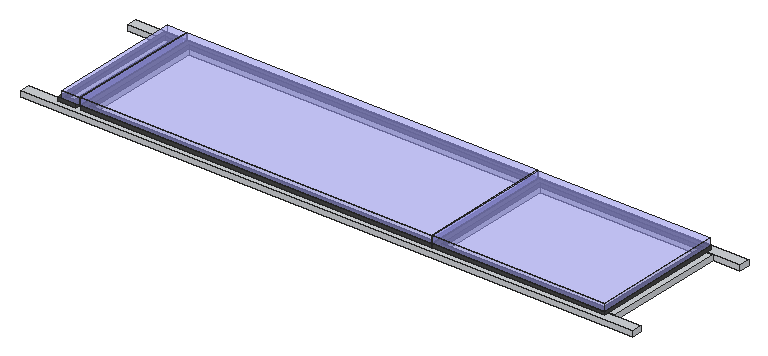
Revit family
Parameters
  totale = 4080 mm
  struttura2nd_passoC = pannelloC_lunghezza - 72 mm  # 1220 mm
  struttura2nd_passoB = pannelloB_lunghezza - 72 mm  # 2562 mm
  struttura2nd_passoA = pannelloA_lunghezza - 72 mm  # 66 mm
  struttura2nd_lunghezza [instance] = 80 mm
  pannelloC_lunghezza = 1292 mm
  pannelloB_lunghezza = 2634 mm
  pannelloA_lunghezza = totale - pannelloB_lunghezza - pannelloC_lunghezza - 16 mm  # 138 mm
  pannello_altezza = 55 mm
  guarnizioneC_lunghezzaINT = struttura2nd_passoC  # 1220 mm
  guarnizioneC_lunghezza = pannelloC_lunghezza  # 1292 mm
  guarnizioneB_lunghezzaINT = struttura2nd_passoB  # 2562 mm
  guarnizioneB_lunghezza = pannelloB_lunghezza  # 2634 mm
  guarnizioneA_lunghezza = pannelloA_lunghezza  # 138 mm
  guarnizioneA_lunghezzaINT = struttura2nd_passoA  # 66 mm
  struttura2nd_larghezza [instance] = 928 mm
  guarnizione_larghezza [instance] = 1000 mm
  guarnizione_larghezzaINT = 928 mm
  h = 80 mm
  pannello_base(fissa) [instance] = 1000 mm
  guarnizione_altezza = h - pannello_altezza  # 25 mm
Reference planes
  plane 1 "Centro (Fronte/Retro)": y = 0
  plane 2: z = 0
  plane 3 "Centro (Sinistra/Destra)": x = 0
  plane 4: y = -500
  plane 5: y = 500
  plane 6: z = 40
  plane 7: z = 120
  plane 8: z = 65
  plane 9: x = -1600
  plane 10: x = 2600
  plane 11: x = -1552.979
  plane 12: x = 2527.021
Forms (mm)
  Extrusion 1, solid
    sketch origin (0, 0, 0) x (0, 1, 0) y (0, 0, 1)
      loop
        line (-544, 40) -> (-544, 0) -> (-464, 0) -> (-464, 40) -> (-544, 40)
    from -1800 to 2800
  Extrusion 2, solid
    sketch origin (0, 1008, 0) x (0, 1, 0) y (0, 0, 1)
      loop
        line (-544, 40) -> (-544, 0) -> (-464, 0) -> (-464, 40) -> (-544, 40)
    from -1800 to 2800
  Extrusion 3, solid
    sketch origin (-1056, 0, 0) x (1, 0, 0) y (0, 1, 0)
      loop
        line (-432, 464) -> (-512, 464) -> (-512, -464) -> (-432, -464) -> (-432, 464)
    from 0 to 40
  Extrusion 4, solid, material "Default"
    sketch origin (-1056, 0, 0) x (1, 0, 0) y (0, 1, 0)
      loop
        line (-500, 500) -> (-500, -500) -> (-362, -500) -> (-362, 500) -> (-500, 500)
      loop
        line (-464, 464) -> (-464, -464) -> (-398, -464) -> (-398, 464) -> (-464, 464)
    from 40 to 65
  Extrusion 5, solid, material "Vetro"
    sketch origin (-1136, 0, 0) x (1, 0, 0) y (0, 1, 0)
      loop
        line (-388, 500) -> (-388, -500) -> (-250, -500) -> (-250, 500) -> (-388, 500)
    from 65 to 120
  Extrusion 6, solid
    sketch origin (384, 0, 0) x (1, 0, 0) y (0, 1, 0)
      loop
        line (-1726, 464) -> (-1806, 464) -> (-1806, -464) -> (-1726, -464) -> (-1726, 464)
    from 0 to 40
  Extrusion 7, solid
    sketch origin (3064, 0, 0) x (1, 0, 0) y (0, 1, 0)
      loop
        line (-464, 464) -> (-544, 464) -> (-544, -464) -> (-464, -464) -> (-464, 464)
    from 0 to 40
  Extrusion 8, solid
    sketch origin (1764, 0, 0) x (1, 0, 0) y (0, 1, 0)
      loop
        line (-464, 464) -> (-544, 464) -> (-544, -464) -> (-464, -464) -> (-464, 464)
    from 0 to 40
  Extrusion 9, solid, material "Default"
    sketch origin (-878, 0, 0) x (1, 0, 0) y (0, 1, 0)
      loop
        line (-500, 500) -> (-500, -500) -> (2134, -500) -> (2134, 500) -> (-500, 500)
      loop
        line (-464, 464) -> (-464, -464) -> (2098, -464) -> (2098, 464) -> (-464, 464)
    from 40 to 65
  Extrusion 10, solid, material "Default"
    sketch origin (2806, 0, 0) x (1, 0, 0) y (0, 1, 0)
      loop
        line (-1542, 500) -> (-1542, -500) -> (-250, -500) -> (-250, 500) -> (-1542, 500)
      loop
        line (-1506, 464) -> (-1506, -464) -> (-286, -464) -> (-286, 464) -> (-1506, 464)
    from 40 to 65
  Extrusion 11, solid, material "Vetro"
    sketch origin (-878, 0, 0) x (1, 0, 0) y (0, 1, 0)
      loop
        line (-500, 500) -> (-500, -500) -> (2134, -500) -> (2134, 500) -> (-500, 500)
    from 65 to 120
  Extrusion 12, solid, material "Vetro"
    sketch origin (1764, 0, 0) x (1, 0, 0) y (0, 1, 0)
      loop
        line (-500, 500) -> (-500, -500) -> (792, -500) -> (792, 500) -> (-500, 500)
    from 65 to 120
Dimensions and locks
  Extrusion 5 to Extrusion 5 = 55 mm
  "pannello_base(fissa)": Extrusion 5 to Extrusion 5
  "guarnizione_larghezza": Extrusion 4 to Extrusion 4
  "guarnizioneA_lunghezzaINT": Extrusion 4 to Extrusion 4
  "guarnizione_larghezzaINT": Extrusion 4 to Extrusion 4
  "guarnizioneA_lunghezza": Extrusion 4 to Extrusion 4
  "pannello_altezza": Extrusion 5 to Extrusion 5
  "guarnizione_altezza": Extrusion 4 to Extrusion 4
  "struttura2nd_lunghezza": Extrusion 3 to Extrusion 3
  "struttura2nd_larghezza": Extrusion 3 to Extrusion 3
  "struttura2nd_lunghezza": Extrusion 6 to Extrusion 6
  "struttura2nd_lunghezza": Extrusion 8 to Extrusion 8
  "struttura2nd_lunghezza": Extrusion 7 to Extrusion 7
  "struttura2nd_larghezza": Extrusion 6 to Extrusion 6
  "struttura2nd_larghezza": Extrusion 8 to Extrusion 8
  "struttura2nd_larghezza": Extrusion 7 to Extrusion 7
  "struttura2nd_passoA": Extrusion 3 to Extrusion 6
  "struttura2nd_passoB": Extrusion 6 to Extrusion 8
  "struttura2nd_passoC": Extrusion 8 to Extrusion 7
  "guarnizioneB_lunghezzaINT": Extrusion 9 to Extrusion 9
  "guarnizioneB_lunghezza": Extrusion 9 to Extrusion 9
  "guarnizione_larghezzaINT": Extrusion 9 to Extrusion 9
  "guarnizione_larghezza": Extrusion 9 to Extrusion 9
  "guarnizione_larghezzaINT": Extrusion 10 to Extrusion 10
  "guarnizione_larghezza": Extrusion 10 to Extrusion 10
  "guarnizioneC_lunghezzaINT": Extrusion 10 to Extrusion 10
  "guarnizioneC_lunghezza": Extrusion 10 to Extrusion 10
  "pannello_base(fissa)": Extrusion 11 to Extrusion 11
  "pannello_base(fissa)": Extrusion 12 to Extrusion 12
  "pannelloA_lunghezza": Extrusion 5 to Extrusion 5
  "pannelloB_lunghezza": Extrusion 11 to Extrusion 11
  "pannelloC_lunghezza": Extrusion 12 to Extrusion 12
  "totale": plane 11 to plane 12
  aligned and locked: level to plane 2
Automatic sketch dimensions
  Extrusion 1 sketch curve to level = 0 mm
  Extrusion 1 sketch curve to plane 6 = 0 mm
  Extrusion 1 sketch curve to plane 4 = 44 mm
  plane 4 to Extrusion 1 sketch curve = 36 mm
  Extrusion 2 sketch curve to level = 0 mm
  Extrusion 2 sketch curve to plane 6 = 0 mm
  Extrusion 2 sketch curve to plane 5 = 36 mm
  plane 5 to Extrusion 2 sketch curve = 44 mm
  plane 9 to Extrusion 3 sketch curve = 32 mm
  plane 4 to Extrusion 3 sketch curve = 36 mm
  Extrusion 3 sketch curve to Extrusion 3 sketch curve = 80 mm
  Extrusion 3 sketch curve to plane 5 = 36 mm
  Extrusion 4 sketch curve to plane 4 = 0 mm
  Extrusion 4 sketch curve to plane 5 = 0 mm
  plane 9 to Extrusion 4 sketch curve = 44 mm
  Extrusion 4 sketch curve to Extrusion 4 sketch curve = 36 mm  (x2)
  plane 4 to Extrusion 4 sketch curve = 36 mm
  Extrusion 4 sketch curve to Extrusion 4 sketch curve = 66 mm
  Extrusion 4 sketch curve to plane 5 = 36 mm
  Extrusion 5 sketch curve to plane 3 "Centro (Sinistra/Destra)" = 1524 mm
  Extrusion 5 sketch curve to plane 3 "Centro (Sinistra/Destra)" = 1386 mm
  Extrusion 5 sketch curve to plane 4 = 0 mm
  Extrusion 5 sketch curve to Extrusion 5 sketch curve = 1000 mm
  Extrusion 6 sketch curve to plane 5 = 36 mm
  plane 9 to Extrusion 6 sketch curve = 178 mm
  plane 4 to Extrusion 6 sketch curve = 36 mm
  Extrusion 6 sketch curve to Extrusion 6 sketch curve = 80 mm
  Extrusion 7 sketch curve to plane 10 = 0 mm
  Extrusion 7 sketch curve to plane 5 = 36 mm
  Extrusion 7 sketch curve to Extrusion 7 sketch curve = 80 mm
  plane 4 to Extrusion 7 sketch curve = 36 mm
  Extrusion 8 sketch curve to plane 5 = 36 mm
  plane 3 "Centro (Sinistra/Destra)" to Extrusion 8 sketch curve = 1220 mm
  plane 4 to Extrusion 8 sketch curve = 36 mm
  Extrusion 8 sketch curve to Extrusion 8 sketch curve = 80 mm
  Extrusion 9 sketch curve to plane 4 = 0 mm
  Extrusion 9 sketch curve to plane 5 = 0 mm
  plane 9 to Extrusion 9 sketch curve = 222 mm
  Extrusion 9 sketch curve to Extrusion 9 sketch curve = 36 mm  (x2)
  plane 4 to Extrusion 9 sketch curve = 36 mm
  plane 3 "Centro (Sinistra/Destra)" to Extrusion 9 sketch curve = 1220 mm
  Extrusion 9 sketch curve to plane 5 = 36 mm
  Extrusion 10 sketch curve to plane 4 = 0 mm
  Extrusion 10 sketch curve to plane 5 = 0 mm
  plane 3 "Centro (Sinistra/Destra)" to Extrusion 10 sketch curve = 1264 mm
  Extrusion 10 sketch curve to Extrusion 10 sketch curve = 36 mm
  plane 4 to Extrusion 10 sketch curve = 36 mm
  Extrusion 10 sketch curve to plane 10 = 80 mm
  Extrusion 10 sketch curve to plane 10 = 44 mm
  Extrusion 10 sketch curve to plane 5 = 36 mm
  Extrusion 11 sketch curve to plane 3 "Centro (Sinistra/Destra)" = 1378 mm
  Extrusion 11 sketch curve to Extrusion 11 sketch curve = 2634 mm
  Extrusion 11 sketch curve to plane 4 = 0 mm
  Extrusion 11 sketch curve to Extrusion 11 sketch curve = 1000 mm
  Extrusion 12 sketch curve to plane 10 = 1336 mm
  Extrusion 12 sketch curve to Extrusion 12 sketch curve = 1292 mm
  Extrusion 12 sketch curve to plane 4 = 0 mm
  Extrusion 12 sketch curve to Extrusion 12 sketch curve = 1000 mm
